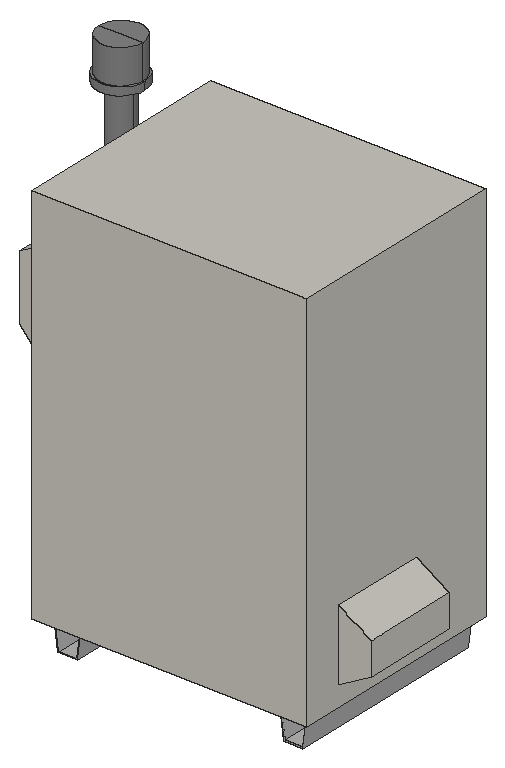
Revit family "1GAHP-WS Outdoor", category Wyposażenie mechaniczne, Revit 2015
Parameters (values of type "GAHP-WS")
  Wysokość = 1278.00 mm
  Współczynnik mocy = 1
  Wolna przestrzeń wokół urządzenia [instance] = yes
  Waga płynu roboczego - woda = 10.00 kg
  Waga płynu roboczego - amoniak R717 = 7.70 kg
  Waga = 300.00 kg
  URL = "www.gazuno.pl"
  Szerokość = 848.00 mm
  Sposób instalacji = "C13, C33, C43, C53, C63, C83, B23P, B33"
  Spadek ciśnienia medium przy nominalnym przepływie = 0.38 bar
  Rzeczywista moc grzewcza palnika = 25200 W
  Producent = "Robur"  # constant formula
  Opis = "Gazowa, absorpcyjna pompa ciepła woda/woda. Zasilana gazem i energią odnawialną."
  Obciążenie pozorne = Moc elektryczna / Współczynnik mocy  # 410 VA
  Nominalny spadek ciśnienia wody grzewczej = 0.57 bar
  Nominalny przepływ wody grzewczej = 0.992 L/s
  Nominalny przepływ medium w odnawialnym źródle = 0.792 L/s
  Nominalna moc grzewcza palnika = 25700 W
  Napięcie zasilania = 230 V
  Model = "GAHP-WS"
  Moc elektryczna = 410 W
  Min. temperatura wody na wejściu do urządzenia (podczas pracy ciągłej) = 20 °C
  Min. temperatura powietrza zewnętrznego (tryb grzania) = 0 °C
  Min. temperatura medium na wejściu do odnawialnego źródła = 3 °C
  Min. przepływ wody grzewczej = 0.389 L/s
  Min. przepływ medium w odnawialnym źródle = 0.639 L/s
  Max. temperatura wody na wyjściu z urządzenia = 65 °C
  Max. temperatura wody na wejściu do urządzenia = 55 °C
  Max. temperatura powietrza zewnętrznego (tryb grzania) = 45 °C
  Max. temperatura medium na wyjściu z odnawialnego źródła = 45 °C
  Max. przepływ wody grzewczej = 1.111 L/s
  Max. przepływ medium w odnawialnym źródle = 1.306 L/s
  Max. przepływ kondensatu = "4 l/h"
  Max. ciśnienie w układzie absorpcyjnym = "35 bar"
  Materiał podstawa = Robur_Stal
  Materiał obudowa 2 = Robur_Czarny
  Materiał obudowa 1 = Robur_CashmereGrey
  Maksymalne ciśnienie robocze = 4 bar
  Klasyfikacja obciążenia = Inne
  IP = "X5D"
  Głębokość = 690.00 mm
  Dokumentacja techniczna = "http://www.gazuno.pl/assets/files/Gazuno/Produkty/Pompy%20Ciep%C5%82a/GAHP-WS/D-LBR608_E_13MCMSDC013_GAHP-GS_WS_fw3.028_BICI_ErP_PL.PDF"
  Ciśnienie gazu zasilającego (gaz ziemny G20) = "17 - 23 mbar"
  Ciśnienie gazu zasilającego (LPG G30/G31) = "32 - 42 mbar"
  Ciśnienie akustyczne w odległości 5 metrów = "44,1 dB (A)"
  Autor = "www.archispace.pl"
Reference planes
  plane 1 "Środek (Przód/Tył)": y = 0
  plane 2: z = 0
  plane 3 "Środek (Lewa/Prawa)": x = 0
  plane 4: y = 345
  plane 5: y = -345
  plane 6: x = -424
  plane 7: x = 424
  plane 8: x = -874
  plane 9: x = 874
  plane 10: y = -1145
  plane 11: y = 545
  plane 12: z = 1278
  plane 13: y = 15
  plane 14: y = 135
Forms (mm)
  Extrusion 1, solid, material "Robur_Stal" <- "Materiał podstawa", detail levels fine
    sketch origin (0, 0, 0) x (1, 0, 0) y (0, 0, 1)
      loop
        line (304.662, 95) -> (317.5, 0) -> (377.5, 0) -> (390.338, 95) -> (387.815, 95) -> (375.315, 2.5) -> (319.685, 2.5) -> (307.185, 95) -> (304.662, 95)
      loop
        line (-304.662, 95) -> (-307.185, 95) -> (-319.685, 2.5) -> (-375.315, 2.5) -> (-387.815, 95) -> (-390.338, 95) -> (-377.5, 0) -> (-317.5, 0) -> (-304.662, 95)
    from -335 to 300
  Extrusion 2, solid, material "Robur_Stal" <- "Materiał podstawa", detail levels medium
    sketch origin (0, 0, 0) x (1, 0, 0) y (0, 0, 1)
      loop
        line (-390.338, 95) -> (-390.338, 0) -> (-304.662, 0) -> (-304.662, 95) -> (-390.338, 95)
      loop
        line (390.338, 95) -> (304.662, 95) -> (304.662, 0) -> (390.338, 0) -> (390.338, 95)
    from -335 to 300
  Extrusion 3, solid, material "Robur_CashmereGrey" <- "Materiał obudowa 1", detail levels coarse
    sketch origin (0, 0, 0) x (1, 0, 0) y (0, 1, 0)
      loop
        line (-424, -345) -> (424, -345) -> (424, 345) -> (-424, 345) -> (-424, -345)
    from 0 to 1278 <- "Wysokość"
  Extrusion 4, solid, material "Robur_CashmereGrey" <- "Materiał obudowa 1", detail levels medium+fine
    sketch origin (0, 0, 0) x (1, 0, 0) y (0, 1, 0)
      loop
        line (-424, -345) -> (424, -345) -> (424, 345) -> (-424, 345) -> (-424, -345)
    from 95 to 1278 <- "Wysokość"
  Extrusion 5, solid, material "Robur_CashmereGrey" <- "Materiał obudowa 1"
    sketch origin (-626.941, -345, 1200) x (-1, 0, 0) y (0, 0, -1)
      loop
        line (-202.941, 104) -> (-99.941, 162) -> (-99.941, 362) -> (-202.941, 484) -> (-202.941, 104)
    from -85 to -239
  Extrusion 6, solid, material "Robur_CashmereGrey" <- "Materiał obudowa 1"
    sketch origin (-626.941, -345, 1200) x (-1, 0, 0) y (0, 0, -1)
      loop
        line (-1154.941, 982) -> (-1154.941, 882) -> (-1050.941, 820) -> (-1050.941, 1040) -> (-1154.941, 982)
    from -120 to -420
  Extrusion 7, solid, material "Robur_CashmereGrey" <- "Materiał obudowa 1", detail levels fine
    sketch origin (-626.941, 345, 1200) x (-1, 0, 0) y (0, 0, 1)
      loop
        circle (-997.941, -304) r 16
      loop
        circle (-730.941, -304) r 16
      loop
        circle (-391.941, -107) r 16
      loop
        circle (-293.941, -107) r 16
    from 0 to 30
  Extrusion 8, solid, material "Robur_CashmereGrey" <- "Materiał obudowa 1", detail levels fine
    sketch origin (-424, 965.13, 1200) x (0, 1, 0) y (0, 0, 1)
      loop
        circle (-1050.13, -265) r 10
    from 0 to -10
  Sweep 9, solid, material "Robur_Czarny" <- "Materiał obudowa 2"
    path origin (-705.709, 15, 1200) x (-1, 0, 0) y (0, 0, 1)
      loop
        line (-281.709, -265) -> (-220.709, -265)
        arc (-220.709, -265) -> (-181.818, -281.109) -> (-165.709, -320) r 55
        line (-165.709, -320) -> (-165.709, -363)
    profile origin (-454.5, 15, 935) x (0, 0, 1) y (0, 1, 0)
      loop
        circle (0, 0) r 45
  Sweep 10, solid, material "Robur_Czarny" <- "Materiał obudowa 2"
    path origin (-705.709, 135, 1200) x (-1, 0, 0) y (0, 0, 1)
      loop
        line (-281.709, -265) -> (-228.709, -265)
        arc (-228.709, -265) -> (-189.818, -248.891) -> (-173.709, -210) r 55
        line (-173.709, -210) -> (-173.709, -169)
    profile origin (-450.5, 135, 935) x (0, 0, 1) y (0, 1, 0)
      loop
        circle (0, 0) r 45
  Revolve 11, solid, material "Robur_Czarny" <- "Materiał obudowa 2", detail levels medium+fine
    sketch origin (-705.709, 135, 1200) x (-1, 0, 0) y (0, 0, 1)
      loop
        line (-173.709, -169) -> (-173.709, 262) -> (-241.209, 262) -> (-241.209, 157) -> (-247.709, 157) -> (-247.709, 133) -> (-213.709, 133) -> (-213.709, -169) -> (-173.709, -169)
      axis (-173.709, -169) -> (-173.709, 262)
    angle from 0 to 360
  Revolve 12, solid, material "Robur_Czarny" <- "Materiał obudowa 2", detail levels coarse
    sketch origin (-705.709, 135, 1200) x (-1, 0, 0) y (0, 0, 1)
      loop
        line (-173.709, -169) -> (-173.709, 262) -> (-218.709, 262) -> (-218.709, -169) -> (-173.709, -169)
      axis (-173.709, -169) -> (-173.709, 262)
    angle from 0 to 360
Lines and regions (mm)
  model lines, visible <- "Wolna przestrzeń wokół urządzenia"
    curve 1: line (-874, 545, 0) -> (-874, -1145, 0)
    curve 2: line (874, 545, 0) -> (874, -1145, 0)
    curve 3: line (-874, 545, 0) -> (874, 545, 0)
    curve 4: line (-874, -1145, 0) -> (874, -1145, 0)
    curve 5: line (-874, 545, 1278) -> (-874, -1145, 1278)
    curve 6: line (-874, 545, 1278) -> (874, 545, 1278)
    curve 7: line (874, 545, 1278) -> (874, -1145, 1278)
    curve 8: line (-874, -1145, 1278) -> (874, -1145, 1278)
    curve 9: line (-874, -1145, 0) -> (-874, -1145, 1278)
    curve 10: line (874, -1145, 0) -> (874, -1145, 1278)
    curve 11: line (-874, 545, 0) -> (-874, 545, 1278)
    curve 12: line (874, 545, 0) -> (874, 545, 1278)
Dimensions and locks
  equal spacing: plane 5, plane 1 "Środek (Przód/Tył)", plane 4
  "Głębokość": plane 5 to plane 4
  equal spacing: plane 6, plane 3 "Środek (Lewa/Prawa)", plane 7
  "Szerokość": plane 6 to plane 7
  locked: plane 8 to plane 6 at 450
  locked: plane 7 to plane 9 at 450
  locked: plane 11 to plane 4 at 200
  locked: plane 10 to plane 5 at 800
  "Wysokość": plane 12 to level
  plane 4 to plane 14 to plane 13 = 210.00 mm locked, 120.00 mm locked
  aligned and locked: level to plane 2
  aligned and locked: curve 1 to plane 8
  aligned and locked: plane 9 to curve 2
  aligned and locked: curve 3 to plane 11
  aligned and locked: curve 4 to plane 10
  aligned and locked: curve 5 to plane 8
  aligned and locked: curve 6 to plane 11
  aligned and locked: plane 9 to curve 7
  aligned and locked: curve 8 to plane 10
Automatic sketch dimensions
  Extrusion 1 sketch curve to level = 0.00 mm  (x2)
  plane 6 to Extrusion 1 sketch curve = 33.662 mm
  Extrusion 1 sketch curve to Extrusion 1 sketch curve = 2.523 mm  (x4)
  plane 6 to Extrusion 1 sketch curve = 46.50 mm
  level to Extrusion 1 sketch curve = 2.50 mm  (x2)
  Extrusion 1 sketch curve to Extrusion 1 sketch curve = 2.185 mm  (x4)
  Extrusion 1 sketch curve to Extrusion 1 sketch curve = 55.63 mm
  Extrusion 1 sketch curve to Extrusion 1 sketch curve = 80.63 mm
  plane 7 to Extrusion 1 sketch curve = 119.338 mm
  Extrusion 1 sketch curve to Extrusion 1 sketch curve = 10.315 mm
  plane 7 to Extrusion 1 sketch curve = 48.685 mm
  plane 7 to Extrusion 1 sketch curve = 36.185 mm
  Extrusion 1 sketch curve to Extrusion 1 sketch curve = 92.50 mm  (x2)
  Extrusion 1 sketch curve to Extrusion 1 sketch curve = 0.00 mm  (x2)
  Extrusion 3 sketch curve to plane 4 = 0.00 mm
  Extrusion 3 sketch curve to plane 6 = 0.00 mm
  Extrusion 3 sketch curve to plane 7 = 0.00 mm
  plane 5 to Extrusion 3 sketch curve = 0.00 mm
  curve 10 to level = 0.00 mm
  plane 9 to curve 10 = 0.00 mm
  curve 9 to plane 8 = 0.00 mm
  curve 9 to level = 0.00 mm
  curve 10 to plane 12 = 0.00 mm
  curve 9 to plane 12 = 0.00 mm
  curve 12 to level = 0.00 mm
  plane 9 to curve 12 = 0.00 mm
  curve 11 to plane 8 = 0.00 mm
  curve 11 to level = 0.00 mm
  curve 12 to plane 12 = 0.00 mm
  curve 11 to plane 12 = 0.00 mm
  Extrusion 2 sketch curve to level = 0.00 mm  (x2)
  plane 6 to Extrusion 2 sketch curve = 33.662 mm
  Extrusion 2 sketch curve to Extrusion 2 sketch curve = 85.676 mm
  plane 7 to Extrusion 2 sketch curve = 119.338 mm
  plane 7 to Extrusion 2 sketch curve = 33.662 mm
  level to Extrusion 2 sketch curve = 95.00 mm  (x2)
  Extrusion 4 sketch curve to plane 4 = 0.00 mm
  Extrusion 4 sketch curve to plane 6 = 0.00 mm
  Extrusion 4 sketch curve to plane 7 = 0.00 mm
  plane 5 to Extrusion 4 sketch curve = 0.00 mm
  Extrusion 5 sketch curve to plane 6 = 0.00 mm
  plane 6 to Extrusion 5 sketch curve = 103.00 mm
  plane 12 to Extrusion 5 sketch curve = 240.00 mm
  Extrusion 5 sketch curve to Extrusion 5 sketch curve = 58.00 mm
  Extrusion 5 sketch curve to Extrusion 5 sketch curve = 200.00 mm
  Extrusion 5 sketch curve to Extrusion 5 sketch curve = 122.00 mm
  plane 7 to Extrusion 6 sketch curve = 0.00 mm
  plane 7 to Extrusion 6 sketch curve = 104.00 mm
  Extrusion 6 sketch curve to level = 218.00 mm
  Extrusion 6 sketch curve to Extrusion 6 sketch curve = 100.00 mm
  Extrusion 6 sketch curve to Extrusion 6 sketch curve = 58.00 mm
  Extrusion 6 sketch curve to Extrusion 6 sketch curve = 62.00 mm
  plane 7 to Extrusion 7 sketch curve = 53.00 mm
  plane 3 "Środek (Lewa/Prawa)" to Extrusion 7 sketch curve = 104.00 mm
  plane 6 to Extrusion 7 sketch curve = 189.00 mm
  plane 6 to Extrusion 7 sketch curve = 91.00 mm
  Extrusion 7 sketch curve to plane 12 = 382.00 mm
  Extrusion 7 sketch curve to Extrusion 7 sketch curve = 0.00 mm  (x2)
  Extrusion 7 sketch curve to plane 12 = 185.00 mm
  plane 1 "Środek (Przód/Tył)" to Extrusion 8 sketch curve = 85.00 mm
  Extrusion 8 sketch curve to plane 12 = 343.00 mm
  Sweep 9 sketch curve to plane 13 = 0.00 mm
  profile plane to Sweep 9 sketch curve = 0.00 mm
  Sweep 9 sketch curve to plane 6 = 0.00 mm
  Sweep 9 sketch curve to plane 6 = 61.00 mm
  Sweep 9 sketch curve to plane 12 = 398.00 mm
  Sweep 9 sketch curve to Sweep 9 sketch curve = 55.00 mm
  Sweep 9 sketch curve to Sweep 9 sketch curve = 43.00 mm
  Sweep 10 sketch curve to plane 6 = 0.00 mm
  Sweep 10 sketch curve to plane 6 = 53.00 mm
  Sweep 10 sketch curve to plane 12 = 288.00 mm
  Sweep 10 sketch curve to Sweep 10 sketch curve = 55.00 mm
  Sweep 10 sketch curve to Sweep 10 sketch curve = 41.00 mm
  Sweep 10 sketch curve to plane 14 = 0.00 mm
  profile plane to Sweep 10 sketch curve = 0.00 mm
  Revolve 11 sketch curve to plane 6 = 34.00 mm
  Revolve 11 sketch curve to Revolve 11 sketch curve = 6.50 mm
  Revolve 11 sketch curve to Revolve 11 sketch curve = 34.00 mm
  Revolve 11 sketch curve to Revolve 11 sketch curve = 67.50 mm
  Revolve 11 sketch curve to plane 12 = 247.00 mm
  plane 12 to Revolve 11 sketch curve = 55.00 mm
  Revolve 11 sketch curve to Revolve 11 sketch curve = 24.00 mm
  Revolve 11 sketch curve to Revolve 11 sketch curve = 105.00 mm
  Revolve 11 sketch curve to Revolve 11 sketch curve = 0.00 mm  (x2)
  Revolve 11 sketch curve to Revolve 11 sketch curve = 90.00 mm
  Revolve 12 sketch curve to plane 6 = 63.00 mm
  Revolve 12 sketch curve to Revolve 12 sketch curve = 45.00 mm
  Revolve 12 sketch curve to plane 12 = 247.00 mm
  plane 12 to Revolve 12 sketch curve = 184.00 mm
  Revolve 12 sketch curve to Revolve 12 sketch curve = 0.00 mm  (x2)
  Revolve 12 sketch curve to Revolve 12 sketch curve = 75.00 mm
  radius of Extrusion 7 sketch curve = 16.00 mm  (x4)
  radius of Extrusion 8 sketch curve = 10.00 mm
  radius of Sweep 9 sketch curve = 45.00 mm
  radius of Sweep 10 sketch curve = 45.00 mm
Connectors
  piping at (371, 375, 896), diameter 31.75
    settings: on Extrusion 7, index 1, connector inside diameter 609.6 mm, connector length 0.00 mm, flow factor 0, pipe flow 0.000 L/s, pressure drop 0 bar, fitting loss kfactor 0, connector angle 0.00°, fixture units 0, engagement length 0.00 mm, angle of deflection 0.00°, flow configuration 0, flow direction 2, fitting loss method 0, system type 7, joint type 0, gender type 0, connector reference index -1, connector utility 0, adjustable connector no, is connector primary yes, connector description "Przyłącze wody wyjście (strona gorąca) Ø 1\"¼"
  piping at (104, 375, 896), diameter 31.75
    settings: on Extrusion 7, index 2, connector inside diameter 609.6 mm, connector length 0.00 mm, flow factor 0, pipe flow 0.000 L/s, pressure drop 0 bar, fitting loss kfactor 0, connector angle 0.00°, fixture units 0, engagement length 0.00 mm, angle of deflection 0.00°, flow configuration 0, flow direction 2, fitting loss method 0, system type 8, joint type 0, gender type 0, connector reference index -1, connector utility 0, adjustable connector no, is connector primary no, connector description "Przyłącze wody wyjście (strona zimna) Ø 1\"¼"
  piping at (-235, 375, 1093), diameter 31.75
    settings: on Extrusion 7, index 3, connector inside diameter 609.6 mm, connector length 0.00 mm, flow factor 0, pipe flow 0.000 L/s, pressure drop 0 bar, fitting loss kfactor 0, connector angle 0.00°, fixture units 0, engagement length 0.00 mm, angle of deflection 0.00°, flow configuration 0, flow direction 1, fitting loss method 0, system type 7, joint type 0, gender type 0, connector reference index -1, connector utility 0, adjustable connector no, is connector primary no, connector description "Przyłącze wody wejście (strona zimna) Ø 1\"¼"
  piping at (-333, 375, 1093), diameter 31.75
    settings: on Extrusion 7, index 4, connector inside diameter 609.6 mm, connector length 0.00 mm, flow factor 0, pipe flow 0.000 L/s, pressure drop 0 bar, fitting loss kfactor 0, connector angle 0.00°, fixture units 0, engagement length 0.00 mm, angle of deflection 0.00°, flow configuration 0, flow direction 1, fitting loss method 0, system type 8, joint type 0, gender type 0, connector reference index -1, connector utility 0, adjustable connector no, is connector primary no, connector description "Przyłącze wody wejście (strona gorąca) Ø 1\"¼"
  piping at (-434, -85, 935), diameter 19.05
    settings: on Extrusion 8, index 5, connector inside diameter 609.6 mm, connector length 0.00 mm, flow factor 0, pipe flow 0.000 L/s, pressure drop 0 bar, fitting loss kfactor 0, connector angle 0.00°, fixture units 0, engagement length 0.00 mm, angle of deflection 0.00°, flow configuration 0, flow direction 1, fitting loss method 0, system type 22, joint type 0, gender type 0, connector reference index -1, connector utility 0, adjustable connector no, is connector primary no, connector description "Przyłącze gazu Ø ¾\""
  electrical at (0, 345, 686.5), driven by "Napięcie zasilania", driven by "Klasyfikacja obciążenia", driven by "Obciążenie pozorne", driven by "Współczynnik mocy"
    settings: on Extrusion 4, index 6, voltage 230 V, apparent load 410 VA, apparent load phase1 0 VA, apparent load phase2 0 VA, apparent load phase3 0 VA, power factor 1, load classification "Inne", number of poles 1, system type 30, power factor state 1, is connector primary yes, connector utility no, sub classification motor no, connector description ""
  electrical at (0, 0, 95)
    settings: on Extrusion 4, index 7, voltage 0 V, apparent load 0 VA, apparent load phase1 0 VA, apparent load phase2 0 VA, apparent load phase3 0 VA, power factor 1, load classification "Inne", number of poles 1, system type 13, power factor state 1, is connector primary no, connector utility no, sub classification motor no, connector description ""
